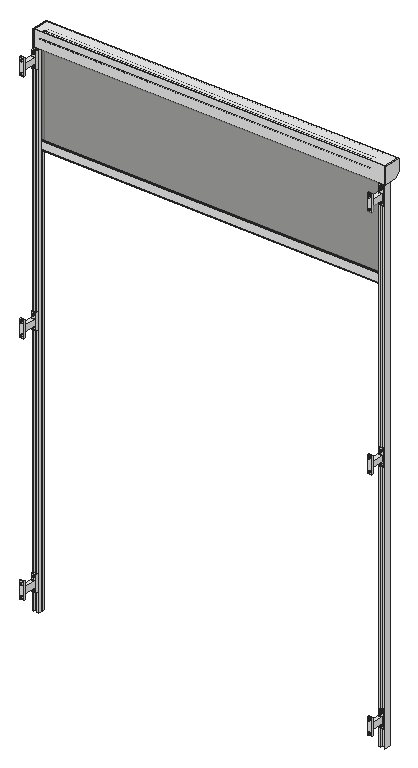
Revit family "heroal VS Z - Front Mount - Single-Part", category Fenster, Revit 2017
Family settings
  OmniClass-Nummer = 23.30.60.11.11.17.14
  OmniClass-Titel = Powered Awnings
  Arbeitsebenenbasiert = Ja
  Immer vertikal = Nein
  Beim Laden mit Abzugskörper schneiden = Nein
  Gemeinsam genutzt = Nein
  Raumberechnungspunkt = Nein
Parameters (values of type "Single-Part")
  Wind Load Resistance DIN EN 13561 = "6"  # constant formula
  Width [instance] = 2000 mm
  URL = "http://www.heroal.com"
  Traverse Offset Top = 150 mm  # constant formula
  Traverse Offset Bottom = 150 mm  # constant formula
  Traverse Length [instance] = 100 mm
  Traverse Count per Side [instance] = if(and(Height > 4001 mm, Height < 5000 mm), 4, if(and(Height > 2000 mm, Height < 4001 mm), 3, 2))  # 3
  Traverse [instance] = heroal Aluminium
  Track [instance] = heroal Aluminium
  Textile Length [instance] = 500 mm
  Textile [instance] = heroal 3961_Linnen
  Summer heat protection [Gtot] = "0,06-0,25"  # constant formula
  Modell = "heroal VS-Z Shading Systems, Front Mount"  # constant formula
  Max Width = "max. 5 metres"  # constant formula
  Max Height = "max. 3 metres"  # constant formula
  Material = "fibreglass/PVC/polyester"  # constant formula
  Hersteller = "heroal"  # constant formula
  Light transmission level DIN EN 40010 = "3-20"  # constant formula
  Height [instance] = 3000 mm
  Enclosure [instance] = heroal Aluminium
  Edition number = 1
  Beschreibung = "heroal VS-Z Shading Systems"  # constant formula
  Default Elevation = 1219.2 mm
  Cover Type 3 = Cover : FME HC
  Cover Type 2 = Cover : FME 90°
  Cover Type 1 = Cover : FME 45°
  Cover Type [instance] = Cover : FME 45°
  Cover FME HC [instance] = Cover Type = Cover Type 3  # no
  Cover FME 90° [instance] = Cover Type = Cover Type 2  # no
  Cover FME 45° [instance] = Cover Type = Cover Type 1  # yes
  Copyright = "© heroal. Technical changes reserved."  # constant formula
  Class according to DIN EN 14501 = "2-4"  # constant formula
  Ballproof DIN EN 18032-3 = "Requirement fulfilled"  # constant formula
  Baugruppenkennzeichen = "B2020110"
  Analytische Konstruktion = "<None>"
Reference planes
  plane 1 "Back": y = 0
  plane 2: z = 0
  plane 3 "Center (Left/Right)": x = 0
  plane 4: x = -1015
  plane 5: x = 1015
  plane 6 "Top": z = 3000
  plane 7: z = 2905
  plane 8 "Cover Front": y = 196.428
  plane 9: x = -1010
  plane 10: x = 1010
  plane 11 "Axis Left": x = -1000
  plane 12 "Axis Right": x = 1000
  plane 13: z = 2953.197
  plane 14 "Cover Axis": y = 149.675
  plane 15: z = 2879.419
  plane 16 "Bottom Textile": z = 2379.419
  plane 17 "Axis Textile": y = 117.375
  plane 18 "Textile Left": x = -987.599
  plane 19 "Textile Right": x = 987.599
  plane 20 "Cover Back": y = 101.478
  plane 21: y = 100
  plane 22 "H Top Traverse": z = 2850
  plane 23: z = 150
Forms (mm)
  Extrusion 1, solid, detail levels medium+fine
    sketch origin (0, 0, 0) x (0, 1, 0) y (0, 0, 1)
      loop
        circle (149.675, 2953.197) r 17.427
      loop
        circle (149.675, 2953.197) r 22.406
    from -1000 to 1000
  Sweep 2, solid
    path origin (0, 0, 0) x (1, 0, 0) y (0, 1, 0)
      loop
        line (-977.5, 149.675) -> (977.5, 149.675)
    profile "heroal Profile_VS-Z : heroal Profile_VS-Z" origin (0, 149.675, 0) x (0, 1, 0) y (0, 0, 1)
      loop
        circle (0, 2953.197) r 30.808
      loop
        line (-33.808, 2953.197) -> (-33.808, 2430.5) -> (-40.419, 2430.5) -> (-40.419, 2386.47) -> (-33.274, 2386.47) -> (-35.999, 2379.4) -> (-26.838, 2379.4) -> (-29.563, 2386.47) -> (-22.419, 2386.47) -> (-22.419, 2423.168) -> (-25.123, 2423.168)
        arc (-25.123, 2423.168) -> (-25.965, 2427.597) -> (-29.386, 2430.533) r 6.821
        line (-29.386, 2430.533) -> (-30.792, 2430.533) -> (-30.792, 2939.239)
        arc (-30.792, 2939.239) -> (33.045, 2960.337) -> (-33.808, 2953.197) r 33.808
  Sweep 3, solid, material "heroal Aluminium" <- "Track"
    path origin (0, 117.375, 0) x (0, 0, 1) y (-1, 0, 0)
      loop
        line (0, -1015) -> (2905, -1015)
    profile "heroal Profile Post : heroal Profile Post" origin (1015, 117.375, 1452.5) x (-1, 0, 0) y (0, -1, 0)
      loop
        line (37.5, 17.375) -> (25, 17.375) -> (25, 7.375) -> (5, 7.375) -> (5, 17.375) -> (0, 17.375) -> (0, -17.375) -> (37.5, -17.375) -> (37.5, -5.775) -> (27.351, -5.775) -> (27.351, 4.225) -> (37.5, 4.225) -> (37.5, 17.375)
  Sweep 4, solid, material "heroal Aluminium" <- "Track"
    path origin (0, 117.375, 0) x (0, 0, 1) y (1, 0, 0)
      loop
        line (0, -1015) -> (2905, -1015)
    profile "heroal Profile Post : heroal Profile Post" origin (-1015, 117.375, 1452.5) x (-1, 0, 0) y (0, -1, 0)
      loop
        line (-37.5, 17.375) -> (-37.5, 4.225) -> (-27.351, 4.225) -> (-27.351, -5.775) -> (-37.5, -5.775) -> (-37.5, -17.375) -> (0, -17.375) -> (0, 17.375) -> (-5, 17.375) -> (-5, 7.375) -> (-25, 7.375) -> (-25, 17.375) -> (-37.5, 17.375)
  Sweep 5, solid, material "heroal Aluminium" <- "Enclosure", visible <- "Cover FME 45°"
    path origin (0, 0, 3000) x (-1, 0, 0) y (0, -1, 0)
      loop
        line (1010, -101.478) -> (-1010, -101.478)
    profile "heroal Profile FME 45 : heroal Profile FME 45" origin (0, 101.478, 3000) x (0, 1, 0) y (0, 0, 1)
      loop
        line (94.95, 0) -> (0, 0) -> (0, -95) -> (1.593, -95) -> (1.593, -1.593) -> (93.556, -1.593) -> (93.556, -66.689) -> (67.386, -92.859) -> (37.193, -92.859) -> (37.193, -95) -> (41.177, -95) -> (41.177, -101.224) -> (42.67, -101.224) -> (42.67, -95) -> (67.715, -95) -> (94.95, -67.765) -> (94.95, 0)
  Sweep 6, solid, material "heroal Aluminium" <- "Enclosure", visible <- "Cover FME 45°"
    path origin (0, 0, 3000) x (-1, 0, 0) y (0, -1, 0)
      loop
        line (-1010, -101.478) -> (-1015, -101.478)
    profile "heroal Profile Cover FME 45 : heroal Profile Cover FME 45" origin (1012.5, 101.478, 3000) x (0, 1, 0) y (0, 0, 1)
      loop
        line (94.95, 0) -> (0, 0) -> (0, -95) -> (67.715, -95) -> (94.95, -67.765) -> (94.95, 0)
  Sweep 7, solid, material "heroal Aluminium" <- "Enclosure", visible <- "Cover FME 45°"
    path origin (0, 0, 3000) x (1, 0, 0) y (0, -1, 0)
      loop
        line (-1010, -101.478) -> (-1015, -101.478)
    profile "heroal Profile Cover FME 45 : heroal Profile Cover FME 45" origin (-1012.5, 101.478, 3000) x (0, -1, 0) y (0, 0, 1)
      loop
        line (-94.95, 0) -> (-94.95, -67.765) -> (-67.715, -95) -> (0, -95) -> (0, 0) -> (-94.95, 0)
  Sweep 8, solid, material "heroal Aluminium" <- "Enclosure", visible <- "Cover FME 90°"
    path origin (0, 200, 3000) x (-1, 0, 0) y (0, -1, 0)
      loop
        line (1010, 98.522) -> (-1010, 98.522)
    profile "heroal Profile FME 90 : heroal Profile FME 90" origin (0, 101.478, 3000) x (0, 1, 0) y (0, 0, 1)
      loop
        line (94.95, 0) -> (0, 0) -> (0, -95) -> (1.593, -95) -> (1.593, -1.593) -> (93.556, -1.593) -> (93.556, -92.859) -> (37.193, -92.859) -> (37.193, -95) -> (41.177, -95) -> (41.177, -101.224) -> (42.67, -101.224) -> (42.67, -95) -> (94.95, -95) -> (94.95, 0)
  Sweep 9, solid, material "heroal Aluminium" <- "Enclosure", visible <- "Cover FME 90°"
    path origin (0, 200, 3000) x (-1, 0, 0) y (0, -1, 0)
      loop
        line (-1010, 98.522) -> (-1015, 98.522)
    profile "heroal Profile Cover FME 90 : heroal Profile Cover FME 90" origin (1012.5, 101.478, 3000) x (0, 1, 0) y (0, 0, 1)
      loop
        line (94.95, 0) -> (0, 0) -> (0, -95) -> (94.95, -95) -> (94.95, 0)
  Sweep 10, solid, material "heroal Aluminium" <- "Enclosure", visible <- "Cover FME 90°"
    path origin (0, 200, 3000) x (1, 0, 0) y (0, -1, 0)
      loop
        line (-1010, 98.522) -> (-1015, 98.522)
    profile "heroal Profile Cover FME 90 : heroal Profile Cover FME 90" origin (-1012.5, 101.478, 3000) x (0, -1, 0) y (0, 0, 1)
      loop
        line (-94.95, 0) -> (-94.95, -95) -> (0, -95) -> (0, 0) -> (-94.95, 0)
  Sweep 11, solid, material "heroal Aluminium" <- "Enclosure", visible <- "Cover FME HC"
    path origin (0, 400, 3000) x (-1, 0, 0) y (0, -1, 0)
      loop
        line (1010, 298.522) -> (-1010, 298.522)
    profile "heroal Profile FME HR : heroal Profile FME HR" origin (0, 101.478, 3000) x (0, 1, 0) y (0, 0, 1)
      loop
        line (47.475, 0) -> (0, 0) -> (0, -95) -> (1.593, -95) -> (1.593, -1.593) -> (47.475, -1.593)
        arc (47.475, -1.593) -> (93.25, -44.113) -> (54.232, -92.9) r 45.9
        line (54.232, -92.9) -> (37.193, -92.9) -> (37.193, -95) -> (41.177, -95) -> (41.177, -101.224) -> (42.67, -101.224) -> (42.67, -95) -> (47.475, -95)
        arc (47.475, -95) -> (94.975, -47.5) -> (47.475, 0) r 47.5
  Sweep 12, solid, material "heroal Aluminium" <- "Enclosure", visible <- "Cover FME HC"
    path origin (0, 400, 3000) x (-1, 0, 0) y (0, -1, 0)
      loop
        line (-1010, 298.522) -> (-1015, 298.522)
    profile "heroal Profile Cover FME HR : heroal Profile Cover FME HR" origin (1012.5, 101.478, 3000) x (0, 1, 0) y (0, 0, 1)
      loop
        line (47.475, 0) -> (0, 0) -> (0, -95) -> (47.475, -95)
        arc (47.475, -95) -> (94.975, -47.5) -> (47.475, 0) r 47.5
  Sweep 13, solid, material "heroal Aluminium" <- "Enclosure", visible <- "Cover FME HC"
    path origin (0, 400, 3000) x (1, 0, 0) y (0, -1, 0)
      loop
        line (-1010, 298.522) -> (-1015, 298.522)
    profile "heroal Profile Cover FME HR : heroal Profile Cover FME HR" origin (-1012.5, 101.478, 3000) x (0, -1, 0) y (0, 0, 1)
      loop
        arc (-47.475, 0) -> (-94.975, -47.5) -> (-47.475, -95) r 47.5
        line (-47.475, -95) -> (0, -95) -> (0, 0) -> (-47.475, 0)
Lines and regions (mm)
  model lines, style "InvisibleLines"
    curve 1: line (-987.599, 117.375, 2379.419) -> (987.599, 117.375, 2379.419)
  symbolic lines, style "WindowsHiddenLines"
    curve 2: line (1015, 101.478, 0) -> (-1015, 101.478, 0)
    curve 3: line (-1015, 196.428, 0) -> (-1015, 101.478, 0)
    curve 4: line (1015, 196.428, 0) -> (1015, 101.478, 0)
    curve 5: line (1015, 196.428, 0) -> (-1015, 196.428, 0)
  symbolic lines, style "WindowsHiddenLines", detail levels medium+fine
    curve 6: line (987.599, 123.15, 0) -> (-987.599, 123.15, 0)
    curve 7: line (987.599, 113.15, 0) -> (-987.599, 113.15, 0)
Dimensions and locks
  "Height": plane 6 "Top" to plane 2
  equal spacing: plane 11 "Axis Left", plane 3 "Center (Left/Right)", plane 12 "Axis Right"
  "Width": plane 11 "Axis Left" to plane 12 "Axis Right"
  plane 6 "Top" to plane 13 to plane 7 = 46.803 mm locked, 48.197 mm locked
  plane 7 to plane 15 = 25.581 mm
  "Textile Length": plane 15 to plane 16 "Bottom Textile"
  "Textile Length": plane 15 to curve 1
  plane 8 "Cover Front" to plane 14 "Cover Axis" to plane 17 "Axis Textile" to plane 20 "Cover Back" to plane 21 = 46.753 mm locked, 32.3 mm locked, 15.897 mm locked, 1.478 mm locked
  "Traverse Length": plane 1 "Back" to plane 21
  "Traverse Offset Top": plane 6 "Top" to plane 22 "H Top Traverse"
  "Traverse Offset Bottom": plane 23 to plane 2
  equal spacing: group 1, group 5, group 2  (x3)
  equal spacing: group 3, group 6, group 4  (x3)
  locked: plane 10 to plane 5 at 5
  locked: plane 19 "Textile Right" to plane 12 "Axis Right" at 12.401
  locked: plane 4 to plane 9 at 5
  locked: plane 11 "Axis Left" to plane 18 "Textile Left" at 12.401
  locked: plane 9 to plane 11 "Axis Left" at 10
  locked: plane 12 "Axis Right" to plane 10 at 10
  aligned and locked: level to plane 2
  aligned and locked: Extrusion 1 to plane 11 "Axis Left"
  aligned and locked: plane 12 "Axis Right" to Extrusion 1
  aligned and locked: Sweep 2 sketch curve to plane 14 "Cover Axis"
  aligned and locked: plane 17 "Axis Textile" to curve 1
  aligned and locked: plane 18 "Textile Left" to curve 1
  aligned and locked: plane 19 "Textile Right" to curve 1
  aligned and locked: plane 2 to Sweep 3 sketch curve
  aligned and locked: plane 7 to Sweep 3 sketch curve
  aligned and locked: Sweep 3 sketch curve to plane 5
  aligned and locked: plane 7 to Sweep 4 sketch curve
  aligned and locked: plane 2 to Sweep 4 sketch curve
  aligned and locked: curve 2 to plane 20 "Cover Back"
  aligned and locked: curve 3 to plane 4
  aligned and locked: plane 5 to curve 4
  aligned and locked: curve 5 to plane 8 "Cover Front"
  aligned and locked: plane 23 to nested 1
  aligned and locked: plane 22 "H Top Traverse" to nested 2
  aligned and locked: plane 12 "Axis Right" to nested 1
  aligned and locked: plane 12 "Axis Right" to nested 2
  aligned and locked: nested 4 to plane 22 "H Top Traverse"
  aligned and locked: nested 3 to plane 23
  aligned and locked: nested 4 to plane 11 "Axis Left"
  aligned and locked: nested 3 to plane 11 "Axis Left"
  aligned and locked: curve 6 to Sweep 4
  aligned and locked: plane 18 "Textile Left" to curve 6
  aligned and locked: plane 19 "Textile Right" to curve 6
  aligned and locked: Sweep 4 to Sweep 2 sketch curve
  aligned and locked: Sweep 2 sketch curve to Sweep 3
  aligned and locked: nested 7 to plane 6 "Top"
  aligned and locked: nested 7 to plane 20 "Cover Back"
  aligned and locked: plane 20 "Cover Back" to Sweep 5 sketch curve
  aligned and locked: plane 9 to Sweep 5 sketch curve
  aligned and locked: plane 10 to Sweep 5 sketch curve
  aligned and locked: plane 5 to Sweep 6 sketch curve
  aligned and locked: plane 10 to Sweep 6 sketch curve
  aligned and locked: plane 20 "Cover Back" to Sweep 6 sketch curve
  aligned and locked: plane 4 to Sweep 7 sketch curve
  aligned and locked: plane 9 to Sweep 7 sketch curve
  aligned and locked: Sweep 7 sketch curve to plane 20 "Cover Back"
  aligned and locked: plane 9 to Sweep 8 sketch curve
  aligned and locked: plane 20 "Cover Back" to Sweep 8 sketch curve
  aligned and locked: plane 10 to Sweep 8 sketch curve
  aligned and locked: plane 9 to Sweep 10 sketch curve
  aligned and locked: plane 4 to Sweep 10 sketch curve
  aligned and locked: Sweep 10 sketch curve to plane 20 "Cover Back"
  aligned and locked: plane 5 to Sweep 9 sketch curve
  aligned and locked: plane 10 to Sweep 9 sketch curve
  aligned and locked: plane 20 "Cover Back" to Sweep 9 sketch curve
  aligned and locked: plane 9 to Sweep 11 sketch curve
  aligned and locked: plane 10 to Sweep 11 sketch curve
  aligned and locked: plane 20 "Cover Back" to Sweep 11 sketch curve
  aligned and locked: plane 4 to Sweep 13 sketch curve
  aligned and locked: plane 9 to Sweep 13 sketch curve
  aligned and locked: Sweep 13 sketch curve to plane 20 "Cover Back"
  aligned and locked: plane 10 to Sweep 12 sketch curve
  aligned and locked: plane 5 to Sweep 12 sketch curve
  aligned and locked: plane 20 "Cover Back" to Sweep 12 sketch curve
Automatic sketch dimensions
  curve 7 to plane 18 "Textile Left" = 0 mm
  curve 7 to plane 19 "Textile Right" = 0 mm
  plane 17 "Axis Textile" to curve 7 = 4.225 mm
  Extrusion 1 sketch curve to Extrusion 1 sketch curve = 0 mm  (x2)
  Extrusion 1 sketch curve to plane 13 = 0 mm
  Extrusion 1 sketch curve to plane 14 "Cover Axis" = 0 mm
  Sweep 4 sketch curve to plane 4 = 0 mm
  radius of Extrusion 1 sketch curve = 17.427 mm
  radius of Extrusion 1 sketch curve = 22.406 mm
Nested families
  nested 1: "heroal Traverse" at (1000, 0, 150), type "heroal Traverse"
  nested 2: "heroal Traverse" at (1000, 0, 2850), type "heroal Traverse"
  nested 3: "heroal Traverse" at (-1000, 0, 150) x (-1, 0, 0) z (0, 0, 1), type "heroal Traverse"
  nested 4: "heroal Traverse" at (-1000, 0, 2850) x (-1, 0, 0) z (0, 0, 1), type "heroal Traverse"
  nested 5: "heroal Traverse" at (1000, 0, 1500), type "heroal Traverse"
  nested 6: "heroal Traverse" at (-1000, 0, 1500) x (-1, 0, 0) z (0, 0, 1), type "heroal Traverse"
  nested 7: "heroal 2D VS-Z Section" at (0, 101.478, 3000) x (0, 1, 0) z (1, 0, 0), FME 45° <- "Cover FME 45°", FME 90° <- "Cover FME 90°", FME HC <- "Cover FME HC", type "heroal 2D VS-Z Section"
    with FME HC no, FME 90° no, FME 45° yes
Definition of nested family "heroal Traverse"
  Parameters (values of type "heroal Traverse")
    Traverse Length = 100 mm
    Traverse = none
  Reference planes
    plane 1 "Back": y = 0
    plane 2 "Center (Elevation)": z = 0
    plane 3 "Center (Left/Right)": x = 0
    plane 4 "Right": y = -100
    plane 5: z = 35
    plane 6: z = -35
    plane 7: y = -82
    plane 8: y = -92
  Forms (mm)
    Extrusion 1, solid, material <- "Traverse"
      sketch origin (0, 5, -1740.353) x (0, -1, 0) y (0, 0, -1)
        loop
          line (87, -1757.353) -> (87, -1723.353) -> (18, -1723.353) -> (18, -1757.353) -> (87, -1757.353)
      from -12 to 12
    Extrusion 2, solid, material <- "Traverse"
      sketch origin (0, -19.798, -1740.353) x (0, -1, 0) y (0, 0, -1)
        loop
          line (72.202, -1753.387) -> (72.202, -1727.353) -> (62.202, -1727.353) -> (62.202, -1753.387) -> (72.202, -1753.387)
      from -10 to 10
    Extrusion 3, solid, material <- "Traverse"
      sketch origin (0, 0, 0) x (1, 0, 0) y (0, 0, 1)
        loop
          line (12, 47) -> (-12, 47) -> (-12, -47) -> (12, -47) -> (12, 47)
      from 5 to 13
    Extrusion 4, solid, material <- "Traverse"
      sketch origin (0, -100, 0) x (-1, 0, 0) y (0, 0, 1)
        loop
          line (-12, 47) -> (-12, -47) -> (12, -47) -> (12, 47) -> (-12, 47)
      from 0 to 8
    Revolve 5, solid, material <- "Traverse", detail levels medium+fine
      sketch origin (0, -105, 0) x (0, -1, 0) y (0, 0, 1)
        loop
          line (-18, 35) -> (-13, 35) -> (-13, 40) -> (-18, 40) -> (-18, 35)
        loop
          line (-92, 35) -> (-87, 35) -> (-87, 40) -> (-92, 40) -> (-92, 35)
        loop
          line (-105, 35) -> (-100, 35) -> (-100, 40) -> (-105, 40) -> (-105, 35)
        axis (-105, 35) -> (-13, 35)
      angle from 0 to 360
    Revolve 6, solid, material <- "Traverse", detail levels medium+fine
      sketch origin (0, -105, 0) x (0, -1, 0) y (0, 0, 1)
        loop
          line (-18, -35) -> (-18, -40) -> (-13, -40) -> (-13, -35) -> (-18, -35)
        loop
          line (-92, -35) -> (-92, -40) -> (-87, -40) -> (-87, -35) -> (-92, -35)
        loop
          line (-105, -35) -> (-105, -40) -> (-100, -40) -> (-100, -35) -> (-105, -35)
        axis (-105, -35) -> (-13, -35)
      angle from 0 to 360
    Extrusion 7, solid, material <- "Traverse"
      sketch origin (0, 0, 0) x (1, 0, 0) y (0, 1, 0)
        loop
          line (-10, -100) -> (-10, -110) -> (10, -110) -> (10, -100) -> (-10, -100)
      from -10 to 10
  Dimensions and locks
    "Traverse Length": plane 4 "Right" to plane 1 "Back"
    locked: plane 8 to plane 4 "Right" at 8
    locked: plane 7 to plane 8 at 10
    aligned and locked: level to plane 2 "Center (Elevation)"
    aligned and locked: plane 7 to Extrusion 1
    aligned and locked: Extrusion 2 to plane 8
    aligned and locked: Extrusion 2 to plane 7
  Automatic sketch dimensions
    Extrusion 1 sketch curve to plane 7 = 0 mm
    plane 1 "Back" to Extrusion 1 sketch curve = 13 mm
    level to Extrusion 1 sketch curve = 17 mm
    Extrusion 1 sketch curve to level = 17 mm
    Extrusion 2 sketch curve to plane 7 = 0 mm
    Extrusion 2 sketch curve to plane 8 = 0 mm
    level to Extrusion 2 sketch curve = 13.034 mm
    Extrusion 2 sketch curve to level = 13 mm
    Extrusion 3 sketch curve to plane 3 "Center (Left/Right)" = 12 mm
    plane 3 "Center (Left/Right)" to Extrusion 3 sketch curve = 12 mm
    plane 6 to Extrusion 3 sketch curve = 12 mm
    plane 5 to Extrusion 3 sketch curve = 12 mm
    plane 3 "Center (Left/Right)" to Extrusion 4 sketch curve = 12 mm
    Extrusion 4 sketch curve to plane 3 "Center (Left/Right)" = 12 mm
    plane 6 to Extrusion 4 sketch curve = 12 mm
    plane 5 to Extrusion 4 sketch curve = 12 mm
    Revolve 5 sketch curve to plane 1 "Back" = 0 mm
    Revolve 5 sketch curve to plane 5 = 0 mm  (x4)
    Revolve 5 sketch curve to plane 8 = 0 mm
    Revolve 5 sketch curve to Revolve 5 sketch curve = 5 mm  (x6)
    Revolve 5 sketch curve to Revolve 5 sketch curve = 8 mm
    Revolve 5 sketch curve to plane 4 "Right" = 20 mm
    Revolve 5 sketch curve to Revolve 5 sketch curve = 20 mm
    Revolve 6 sketch curve to plane 1 "Back" = 0 mm
    plane 6 to Revolve 6 sketch curve = 0 mm  (x4)
    Revolve 6 sketch curve to plane 8 = 0 mm
    Revolve 6 sketch curve to Revolve 6 sketch curve = 5 mm  (x6)
    Revolve 6 sketch curve to Revolve 6 sketch curve = 8 mm
    Revolve 6 sketch curve to plane 4 "Right" = 20 mm
    Revolve 6 sketch curve to Revolve 6 sketch curve = 20 mm
    plane 7 to Extrusion 7 sketch curve = 28 mm
    Extrusion 7 sketch curve to plane 3 "Center (Left/Right)" = 10 mm
    Extrusion 7 sketch curve to Extrusion 7 sketch curve = 20 mm
    Extrusion 7 sketch curve to Extrusion 7 sketch curve = 10 mm
Definition of nested family "heroal 2D VS-Z Section"
  Parameters (values of type "heroal VS-Z Section")
    FME HC [instance] = yes
    FME 90° [instance] = yes
    FME 45° [instance] = yes
  Reference planes
    plane 1 "Center (Front/Back)": y = 0
    plane 2: z = 0
    plane 3 "Center (Left/Right)": x = 0
  Lines and regions (mm)
    Filled region 1, type "Solid Fill - Grey", in view "Ref. Level", detail levels medium+fine
      outline origin (0, 0, 0) x (1, 0, 0) y (0, 1, 0)
        loop
          circle (48.197, -46.803) r 22.406
        loop
          circle (48.197, -46.803) r 17.427
    Masking region 1, in view "Ref. Level", visible <- "FME 45°"
      outline origin (0, 0, 0) x (1, 0, 0) y (0, 1, 0)
        loop
          line (0, 0) -> (0, -95) -> (14.389, -95) -> (17.405, -95) -> (41.177, -95) -> (41.177, -101.224) -> (42.67, -101.224) -> (42.67, -95) -> (67.715, -95) -> (94.95, -67.765) -> (94.95, 0) -> (0, 0)
    Masking region 2, in view "Ref. Level", visible <- "FME 90°"
      outline origin (0, 0, 0) x (1, 0, 0) y (0, 1, 0)
        loop
          line (0, 0) -> (0, -95) -> (14.389, -95) -> (17.405, -95) -> (41.177, -95) -> (41.177, -101.224) -> (42.67, -101.224) -> (42.67, -95) -> (94.95, -95) -> (94.95, 0) -> (0, 0)
    Masking region 3, in view "Ref. Level", visible <- "FME HC"
      outline origin (0, 0, 0) x (1, 0, 0) y (0, 1, 0)
        loop
          line (0, 0) -> (0, -95) -> (14.389, -95) -> (17.405, -95) -> (41.177, -95) -> (41.177, -101.224) -> (42.67, -101.224) -> (42.67, -95) -> (47.475, -95)
          arc (47.475, -95) -> (94.975, -47.5) -> (47.475, 0) r 47.5
          line (47.475, 0) -> (0, 0)
    detail lines, in view "Ref. Level", detail levels coarse+medium
      curve 1: circle (48.197, -46.803, 0) r 33.808 normal (0, 0, 1)
      curve 4: line (14.389, -95, 0) -> (14.389, -46.803, 0)
      curve 5: line (17.405, -95, 0) -> (17.405, -60.761, 0)
      curve 6: circle (48.197, -46.803, 0) r 30.808 normal (0, 0, 1)
    detail lines, in view "Ref. Level"
      curve 2: line (38.197, -46.803, 0) -> (58.197, -46.803, 0)
      curve 3: line (48.197, -56.803, 0) -> (48.197, -36.803, 0)
    detail lines, in view "Ref. Level", visible <- "FME 45°", detail levels medium+fine
      curve 7: line (37.193, -92.859, 0) -> (66.886, -92.859, 0)
      curve 8: line (66.886, -92.859, 0) -> (92.85, -66.895, 0)
      curve 9: line (92.85, -66.895, 0) -> (92.85, -2.1, 0)
      curve 10: line (92.85, -2.1, 0) -> (2.1, -2.1, 0)
      curve 11: line (2.1, -2.1, 0) -> (2.1, -95, 0)
    detail lines, in view "Ref. Level", visible <- "FME 90°", detail levels medium+fine
      curve 12: line (37.193, -92.859, 0) -> (92.85, -92.859, 0)
      curve 13: line (92.85, -2.141, 0) -> (92.85, -92.859, 0)
      curve 14: line (37.193, -92.859, 0) -> (37.193, -95, 0)
      curve 15: line (2.1, -2.141, 0) -> (2.1, -95, 0)
      curve 16: line (2.1, -2.141, 0) -> (92.85, -2.141, 0)
    detail lines, in view "Ref. Level", visible <- "FME HC", detail levels medium+fine
      curve 17: line (37.193, -92.859, 0) -> (49.404, -92.859, 0)
      curve 18: line (37.193, -92.859, 0) -> (37.193, -95, 0)
      curve 19: line (2.1, -2.141, 0) -> (2.1, -95, 0)
      curve 20: line (2.1, -2.141, 0) -> (49.404, -2.141, 0)
      curve 21: arc (49.404, -92.859, 0) -> (92.875, -47.5, 0) -> (49.404, -2.141, 0) r 45.4
